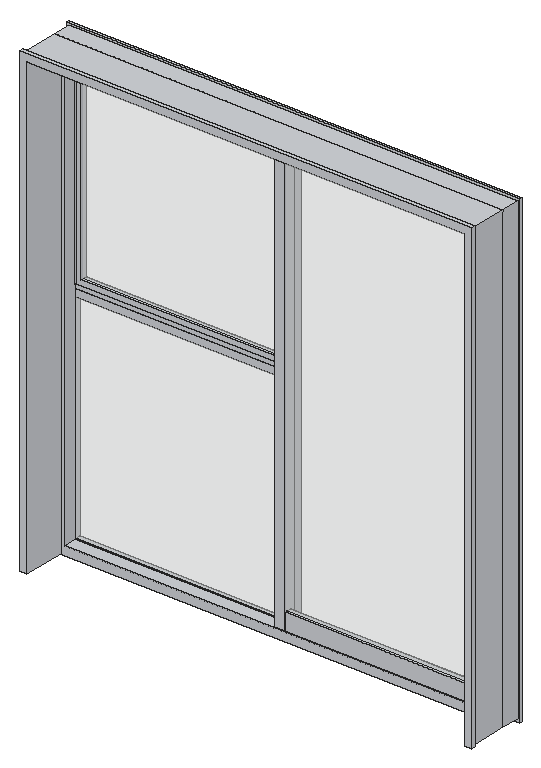
Revit family "APL Residential Thermal Heart Sliding Door SF with Sidelight", category Doors, host Wall, Revit 2017 (continued)
Definition of nested family "APL Residential Thermal Heart Sliding Door SF Vertical Section"
  Definition of nested family "Head Two Panel"
    Definition of nested family "65460_Door Top And Window Rail"
      Lines and regions (mm)
        detail lines, in view "Ref. Level"
          curve 187: line (7.086, 23.242, 0) -> (7.879, 21.063, 0)
          curve 188: line (8.255, 20.8, 0) -> (10.949, 20.8, 0)
          curve 189: line (11.325, 21.063, 0) -> (12.118, 23.242, 0)
          curve 190: line (13.057, 23.9, 0) -> (13.98, 23.9, 0)
          curve 191: line (14.581, 24.061, 0) -> (16.109, 24.946, 0)
          curve 192: line (16.309, 25, 0) -> (16.602, 25, 0)
          curve 193: line (17.002, 24.6, 0) -> (17.002, 21.2, 0)
          curve 194: line (16.602, 20.8, 0) -> (16.309, 20.8, 0)
          curve 195: line (16.109, 20.854, 0) -> (14.581, 21.738, 0)
          curve 196: line (13.686, 21.702, 0) -> (12.798, 19.263, 0)
          curve 197: line (12.422, 19, 0) -> (6.782, 19, 0)
          curve 198: line (6.406, 19.263, 0) -> (5.518, 21.702, 0)
          curve 199: line (4.623, 21.738, 0) -> (3.095, 20.854, 0)
          curve 200: line (2.895, 20.8, 0) -> (2.602, 20.8, 0)
          curve 201: line (2.202, 21.2, 0) -> (2.202, 24.6, 0)
          curve 202: arc (2.402, 7.33, 0) -> (2.261, 7.271, 0) -> (2.202, 7.13, 0) r 0.2
          curve 203: arc (2.202, 6.53, 0) -> (2.143, 6.388, 0) -> (2.002, 6.33, 0) r 0.2
          curve 204: arc (1.6, 6.33, 0) -> (1.459, 6.388, 0) -> (1.4, 6.53, 0) r 0.2
          curve 205: arc (1.644, 18.06, 0) -> (1.956, 18.728, 0) -> (2.642, 19, 0) r 1
          curve 206: arc (3.119, 19, 0) -> (3.424, 19.199, 0) -> (3.697, 18.957, 0) r 0.3
          curve 207: arc (3.697, 18.957, 0) -> (3.763, 18.819, 0) -> (3.889, 18.731, 0) r 0.3
          curve 208: arc (5.299, 18.218, 0) -> (5.585, 18.262, 0) -> (5.701, 18.526, 0) r 0.3
          curve 209: arc (5.494, 20.891, 0) -> (5.467, 20.992, 0) -> (5.407, 21.077, 0) r 0.3
          curve 210: arc (5.043, 21.441, 0) -> (4.85, 21.493, 0) -> (4.709, 21.352, 0) r 0.2
          curve 211: arc (4.664, 21.184, 0) -> (4.612, 21.095, 0) -> (4.523, 21.043, 0) r 0.2
          curve 212: arc (2.302, 20.5, 0) -> (2.022, 20.693, 0) -> (2.102, 21.023, 0) r 0.3
          curve 213: arc (2.102, 21.023, 0) -> (2.176, 21.125, 0) -> (2.202, 21.247, 0) r 0.3
          curve 214: arc (2.008, 25.25, 0) -> (2.044, 25.422, 0) -> (2.202, 25.5, 0) r 0.2
          curve 215: arc (2.722, 25.5, 0) -> (2.804, 25.489, 0) -> (2.879, 25.456, 0) r 0.3
          curve 216: arc (4.133, 24.691, 0) -> (4.13, 24.521, 0) -> (4.236, 24.388, 0) r 0.25
          curve 217: arc (4.322, 24.336, 0) -> (4.574, 24.332, 0) -> (4.702, 24.55, 0) r 0.25
          curve 218: arc (4.702, 26.696, 0) -> (4.676, 26.794, 0) -> (4.606, 26.867, 0) r 0.2
          curve 219: arc (2.725, 28.015, 0) -> (2.629, 28.186, 0) -> (2.725, 28.357, 0) r 0.2
          curve 220: arc (4.606, 29.505, 0) -> (4.676, 29.578, 0) -> (4.702, 29.676, 0) r 0.2
          curve 221: arc (4.702, 31.7, 0) -> (4.575, 31.918, 0) -> (4.322, 31.914, 0) r 0.25
          curve 222: arc (4.236, 31.861, 0) -> (4.13, 31.729, 0) -> (4.133, 31.559, 0) r 0.25
          curve 223: arc (2.879, 30.794, 0) -> (2.804, 30.761, 0) -> (2.723, 30.75, 0) r 0.3
          curve 224: arc (2.202, 30.75, 0) -> (2.044, 30.828, 0) -> (2.008, 31, 0) r 0.2
          curve 225: arc (2.202, 35.003, 0) -> (2.176, 35.125, 0) -> (2.102, 35.227, 0) r 0.3
          curve 226: arc (2.102, 35.227, 0) -> (2.022, 35.557, 0) -> (2.302, 35.75, 0) r 0.3
          curve 227: arc (4.523, 35.207, 0) -> (4.612, 35.155, 0) -> (4.664, 35.066, 0) r 0.2
          curve 228: arc (4.709, 34.898, 0) -> (4.85, 34.757, 0) -> (5.043, 34.809, 0) r 0.2
          curve 229: arc (5.407, 35.173, 0) -> (5.467, 35.258, 0) -> (5.494, 35.359, 0) r 0.3
          curve 230: arc (5.701, 37.724, 0) -> (5.585, 37.988, 0) -> (5.299, 38.032, 0) r 0.3
          curve 231: arc (3.889, 37.519, 0) -> (3.763, 37.431, 0) -> (3.697, 37.293, 0) r 0.3
          curve 232: arc (3.697, 37.293, 0) -> (3.424, 37.051, 0) -> (3.119, 37.25, 0) r 0.3
          curve 233: arc (2.3, 37.25, 0) -> (1.946, 37.397, 0) -> (1.8, 37.75, 0) r 0.5
          curve 234: arc (1.8, 41.053, 0) -> (1.86, 41.193, 0) -> (2, 41.25, 0) r 0.2
          curve 235: arc (3, 41.25, 0) -> (3.141, 41.309, 0) -> (3.2, 41.45, 0) r 0.2
          curve 236: arc (3.2, 42.55, 0) -> (3.141, 42.692, 0) -> (3, 42.75, 0) r 0.2
          curve 237: arc (2, 42.75, 0) -> (1.86, 42.808, 0) -> (1.8, 42.947, 0) r 0.2
          curve 238: arc (1.8, 56.053, 0) -> (1.86, 56.193, 0) -> (2, 56.25, 0) r 0.2
          curve 239: arc (3, 56.25, 0) -> (3.141, 56.309, 0) -> (3.2, 56.45, 0) r 0.2
          curve 240: arc (3.2, 57.55, 0) -> (3.141, 57.692, 0) -> (3, 57.75, 0) r 0.2
          curve 241: arc (2, 57.75, 0) -> (1.86, 57.808, 0) -> (1.8, 57.947, 0) r 0.2
          curve 242: arc (1.8, 71.8, 0) -> (1.741, 71.942, 0) -> (1.6, 72, 0) r 0.2
          curve 243: arc (0.5, 72, 0) -> (0.146, 71.854, 0) -> (0, 71.5, 0) r 0.5
          curve 244: arc (0, 0.2, 0) -> (0.059, 0.058, 0) -> (0.2, 0, 0) r 0.2
          curve 245: arc (3.002, 0, 0) -> (3.143, 0.058, 0) -> (3.202, 0.2, 0) r 0.2
          curve 246: arc (3.202, 1.63, 0) -> (3.143, 1.771, 0) -> (3.002, 1.83, 0) r 0.2
          curve 247: arc (2.402, 1.83, 0) -> (2.261, 1.771, 0) -> (2.202, 1.63, 0) r 0.2
          curve 248: arc (2.202, 1.28, 0) -> (2.143, 1.138, 0) -> (2.002, 1.08, 0) r 0.2
          curve 249: arc (1.402, 1.08, 0) -> (1.261, 1.138, 0) -> (1.202, 1.28, 0) r 0.2
          curve 250: arc (1.202, 4.38, 0) -> (1.261, 4.521, 0) -> (1.402, 4.58, 0) r 0.2
          curve 251: arc (2.002, 4.58, 0) -> (2.143, 4.521, 0) -> (2.202, 4.38, 0) r 0.2
          curve 252: arc (2.202, 4.03, 0) -> (2.261, 3.888, 0) -> (2.402, 3.83, 0) r 0.2
          curve 253: arc (3.002, 3.83, 0) -> (3.143, 3.888, 0) -> (3.202, 4.03, 0) r 0.2
          curve 254: line (3.002, 7.33, 0) -> (2.402, 7.33, 0)
          curve 255: line (2.202, 7.13, 0) -> (2.202, 6.53, 0)
          curve 256: line (2.002, 6.33, 0) -> (1.6, 6.33, 0)
          curve 257: line (1.4, 6.53, 0) -> (1.4, 14, 0)
          curve 258: line (1.4, 14, 0) -> (1.644, 18.06, 0)
          curve 259: line (2.642, 19, 0) -> (3.119, 19, 0)
          curve 260: line (3.889, 18.731, 0) -> (5.299, 18.218, 0)
          curve 261: line (5.701, 18.526, 0) -> (5.494, 20.891, 0)
          curve 262: line (5.407, 21.077, 0) -> (5.043, 21.441, 0)
          curve 263: line (4.709, 21.352, 0) -> (4.664, 21.184, 0)
          curve 264: line (4.523, 21.043, 0) -> (2.534, 20.51, 0)
          curve 265: line (2.202, 21.247, 0) -> (2.202, 24.474, 0)
          curve 266: line (2.196, 24.524, 0) -> (2.008, 25.25, 0)
          curve 267: line (2.202, 25.5, 0) -> (2.722, 25.5, 0)
          curve 268: line (2.879, 25.456, 0) -> (4.133, 24.691, 0)
          curve 269: line (4.702, 24.55, 0) -> (4.702, 26.696, 0)
          curve 270: line (4.606, 26.867, 0) -> (2.725, 28.015, 0)
          curve 271: line (2.725, 28.357, 0) -> (4.606, 29.505, 0)
          curve 272: line (4.702, 29.676, 0) -> (4.702, 31.7, 0)
          curve 273: line (4.133, 31.559, 0) -> (2.879, 30.794, 0)
          curve 274: line (2.723, 30.75, 0) -> (2.202, 30.75, 0)
          curve 275: line (2.008, 31, 0) -> (2.196, 31.726, 0)
          curve 276: line (2.202, 31.776, 0) -> (2.202, 35.003, 0)
          curve 277: line (2.534, 35.74, 0) -> (4.523, 35.207, 0)
          curve 278: line (4.664, 35.066, 0) -> (4.709, 34.898, 0)
          curve 279: line (5.043, 34.809, 0) -> (5.407, 35.173, 0)
          curve 280: line (5.494, 35.359, 0) -> (5.701, 37.724, 0)
          curve 281: line (5.299, 38.032, 0) -> (3.889, 37.519, 0)
          curve 282: line (3.119, 37.25, 0) -> (2.3, 37.25, 0)
          curve 283: line (1.8, 37.75, 0) -> (1.8, 41.053, 0)
          curve 284: line (2, 41.25, 0) -> (3, 41.25, 0)
          curve 285: line (3.2, 41.45, 0) -> (3.2, 42.55, 0)
          curve 286: line (3, 42.75, 0) -> (2, 42.75, 0)
          curve 287: line (1.8, 42.947, 0) -> (1.8, 56.053, 0)
          curve 288: line (2, 56.25, 0) -> (3, 56.25, 0)
          curve 289: line (3.2, 56.45, 0) -> (3.2, 57.55, 0)
          curve 290: line (3, 57.75, 0) -> (2, 57.75, 0)
          curve 291: line (1.8, 57.947, 0) -> (1.8, 71.8, 0)
          curve 292: line (1.6, 72, 0) -> (0.5, 72, 0)
          curve 293: line (0, 71.5, 0) -> (0, 0.2, 0)
          curve 294: line (0.2, 0, 0) -> (3.002, 0, 0)
          curve 295: line (3.202, 0.2, 0) -> (3.202, 1.63, 0)
          curve 296: line (3.002, 1.83, 0) -> (2.402, 1.83, 0)
          curve 297: line (2.202, 1.63, 0) -> (2.202, 1.28, 0)
          curve 298: line (2.002, 1.08, 0) -> (1.402, 1.08, 0)
          curve 299: line (1.202, 1.28, 0) -> (1.202, 4.38, 0)
          curve 300: line (1.402, 4.58, 0) -> (2.002, 4.58, 0)
          curve 301: line (2.202, 4.38, 0) -> (2.202, 4.03, 0)
          curve 302: line (2.402, 3.83, 0) -> (3.002, 3.83, 0)
          curve 303: line (3.202, 4.03, 0) -> (3.202, 7.13, 0)
          curve 304: arc (3.202, 7.13, 0) -> (3.143, 7.271, 0) -> (3.002, 7.33, 0) r 0.2
      Text (mm)
        text "65460" at (7.711, 85.3, 0), in view "Ref. Level"
    Definition of nested family "65400_Frame Head"
      Reference planes
        plane 1 "Center (Front/Back)": y = 0
        plane 2: z = 0
        plane 3 "Center (Left/Right)": x = 0
      Lines and regions (mm)
        detail lines, in view "Ref. Level"
          curve 1: arc (46.1, -24.2, 0) -> (45.602, -22.998, 0) -> (44.4, -22.5, 0) r 1.7
          curve 2: arc (29.9, -22.5, 0) -> (29.546, -22.354, 0) -> (29.4, -22, 0) r 0.5
          curve 3: arc (29.4, -8.901, 0) -> (29.546, -8.547, 0) -> (29.9, -8.4, 0) r 0.5
          curve 4: arc (36.605, -8.4, 0) -> (37.013, -8.479, 0) -> (37.363, -8.704, 0) r 1.1
          curve 5: arc (37.363, -8.704, 0) -> (38.199, -9.316, 0) -> (39.189, -9.621, 0) r 3.126
          curve 6: arc (62.286, -10.8, 0) -> (62.738, -11.119, 0) -> (63.285, -11.042, 0) r 0.75
          curve 7: arc (63.285, -11.042, 0) -> (64.2, -10.8, 0) -> (65.115, -11.042, 0) r 1.85
          curve 8: arc (65.115, -11.042, 0) -> (65.281, -11.112, 0) -> (65.459, -11.14, 0) r 0.75
          curve 9: arc (65.459, -11.14, 0) -> (65.663, -11.192, 0) -> (65.828, -11.324, 0) r 0.5
          curve 10: arc (65.828, -11.324, 0) -> (66.3, -12.65, 0) -> (65.828, -13.976, 0) r 2.1
          curve 11: arc (65.828, -13.976, 0) -> (65.663, -14.108, 0) -> (65.459, -14.16, 0) r 0.5
          curve 12: arc (65.459, -14.16, 0) -> (65.281, -14.188, 0) -> (65.115, -14.258, 0) r 0.75
          curve 13: arc (65.115, -14.258, 0) -> (63.721, -14.437, 0) -> (62.604, -13.585, 0) r 1.85
          curve 14: arc (62.604, -13.585, 0) -> (61.577, -13.317, 0) -> (61.309, -14.343, 0) r 0.75
          curve 15: arc (61.309, -14.343, 0) -> (62.349, -15.442, 0) -> (63.765, -15.972, 0) r 3.35
          curve 16: arc (63.765, -15.972, 0) -> (64.076, -16.138, 0) -> (64.2, -16.467, 0) r 0.5
          curve 17: arc (64.2, -25.517, 0) -> (64.489, -27.435, 0) -> (65.33, -29.182, 0) r 6.5
          curve 18: arc (65.33, -29.182, 0) -> (65.978, -30.526, 0) -> (66.2, -32, 0) r 5
          curve 19: arc (66.2, -41.1, 0) -> (66.054, -41.454, 0) -> (65.7, -41.6, 0) r 0.5
          curve 20: arc (47, -41.6, 0) -> (46.646, -41.454, 0) -> (46.5, -41.1, 0) r 0.5
          curve 21: arc (46.5, -36.5, 0) -> (46.396, -35.952, 0) -> (46.1, -35.48, 0) r 1.5
          curve 22: arc (24.183, -8.227, 0) -> (24.053, -8.162, 0) -> (24, -8.027, 0) r 0.2
          curve 23: arc (24.399, -5.679, 0) -> (24.668, -5.392, 0) -> (25.06, -5.387, 0) r 0.5
          curve 24: arc (25.06, -5.387, 0) -> (25.236, -5.3, 0) -> (25.42, -5.367, 0) r 0.25
          curve 25: arc (25.42, -5.367, 0) -> (25.563, -5.498, 0) -> (25.569, -5.691, 0) r 0.25
          curve 26: arc (26.823, -6.456, 0) -> (26.898, -6.489, 0) -> (26.979, -6.5, 0) r 0.3
          curve 27: arc (27.5, -6.5, 0) -> (27.658, -6.422, 0) -> (27.694, -6.25, 0) r 0.2
          curve 28: arc (27.5, -2.247, 0) -> (27.526, -2.125, 0) -> (27.6, -2.024, 0) r 0.3
          curve 29: arc (27.6, -2.024, 0) -> (27.664, -1.657, 0) -> (27.322, -1.51, 0) r 0.3
          curve 30: arc (25.179, -2.043, 0) -> (25.09, -2.095, 0) -> (25.038, -2.184, 0) r 0.2
          curve 31: arc (24.993, -2.352, 0) -> (24.852, -2.493, 0) -> (24.659, -2.441, 0) r 0.2
          curve 32: arc (24.295, -2.078, 0) -> (24.235, -1.992, 0) -> (24.208, -1.892, 0) r 0.3
          curve 33: arc (24.001, 0.474, 0) -> (24.117, 0.738, 0) -> (24.403, 0.782, 0) r 0.3
          curve 34: arc (25.813, 0.268, 0) -> (25.939, 0.181, 0) -> (26.005, 0.043, 0) r 0.3
          curve 35: arc (26.005, 0.043, 0) -> (26.278, -0.199, 0) -> (26.583, 0, 0) r 0.3
          curve 36: arc (28.9, 0, 0) -> (29.254, -0.146, 0) -> (29.4, -0.5, 0) r 0.5
          curve 37: arc (29.4, -6.1, 0) -> (29.546, -6.454, 0) -> (29.9, -6.6, 0) r 0.499
          curve 38: arc (37.767, -6.6, 0) -> (38.931, -6.835, 0) -> (39.913, -7.503, 0) r 2.996
          curve 39: arc (39.913, -7.503, 0) -> (40.232, -7.73, 0) -> (40.611, -7.831, 0) r 1.1
          curve 40: arc (68.1, -8.9, 0) -> (68.241, -8.841, 0) -> (68.3, -8.7, 0) r 0.2
          curve 41: arc (68.3, -0.5, 0) -> (68.446, -0.146, 0) -> (68.8, 0, 0) r 0.5
          curve 42: arc (71.117, 0, 0) -> (71.422, -0.199, 0) -> (71.695, 0.043, 0) r 0.3
          curve 43: arc (71.695, 0.043, 0) -> (71.761, 0.181, 0) -> (71.887, 0.268, 0) r 0.3
          curve 44: arc (73.297, 0.782, 0) -> (73.583, 0.738, 0) -> (73.699, 0.474, 0) r 0.3
          curve 45: arc (73.492, -1.892, 0) -> (73.465, -1.992, 0) -> (73.405, -2.078, 0) r 0.3
          curve 46: arc (73.041, -2.441, 0) -> (72.848, -2.493, 0) -> (72.707, -2.352, 0) r 0.2
          curve 47: arc (72.662, -2.184, 0) -> (72.61, -2.095, 0) -> (72.521, -2.043, 0) r 0.2
          curve 48: arc (70.378, -1.51, 0) -> (70.036, -1.657, 0) -> (70.1, -2.024, 0) r 0.3
          curve 49: arc (70.1, -2.024, 0) -> (70.174, -2.125, 0) -> (70.2, -2.247, 0) r 0.3
          curve 50: arc (70.006, -6.25, 0) -> (70.042, -6.422, 0) -> (70.2, -6.5, 0) r 0.2
          curve 51: arc (70.721, -6.5, 0) -> (70.802, -6.489, 0) -> (70.877, -6.456, 0) r 0.3
          curve 52: arc (72.131, -5.691, 0) -> (72.137, -5.498, 0) -> (72.28, -5.367, 0) r 0.25
          curve 53: arc (72.28, -5.367, 0) -> (72.55, -5.321, 0) -> (72.7, -5.55, 0) r 0.25
          curve 54: arc (72.7, -7.124, 0) -> (72.618, -7.522, 0) -> (72.385, -7.854, 0) r 1
          curve 55: arc (72.385, -7.854, 0) -> (72.322, -8, 0) -> (72.385, -8.146, 0) r 0.2
          curve 56: arc (72.385, -8.146, 0) -> (72.618, -8.477, 0) -> (72.7, -8.874, 0) r 1
          curve 57: arc (72.7, -10.449, 0) -> (72.573, -10.668, 0) -> (72.32, -10.663, 0) r 0.25
          curve 58: arc (72.234, -10.611, 0) -> (72.128, -10.479, 0) -> (72.131, -10.309, 0) r 0.25
          curve 59: arc (70.877, -9.544, 0) -> (70.802, -9.511, 0) -> (70.721, -9.5, 0) r 0.3
          curve 60: arc (70.2, -9.5, 0) -> (70.042, -9.578, 0) -> (70.006, -9.75, 0) r 0.2
          curve 61: arc (70.2, -13.753, 0) -> (70.174, -13.876, 0) -> (70.1, -13.976, 0) r 0.3
          curve 62: arc (70.1, -13.976, 0) -> (70.02, -14.307, 0) -> (70.3, -14.5, 0) r 0.3
          curve 63: arc (72.521, -13.957, 0) -> (72.61, -13.905, 0) -> (72.662, -13.816, 0) r 0.2
          curve 64: arc (72.707, -13.648, 0) -> (72.848, -13.507, 0) -> (73.041, -13.559, 0) r 0.2
          curve 65: arc (73.405, -13.922, 0) -> (73.465, -14.008, 0) -> (73.492, -14.108, 0) r 0.3
          curve 66: arc (73.699, -16.474, 0) -> (73.583, -16.738, 0) -> (73.297, -16.782, 0) r 0.3
          curve 67: arc (71.887, -16.268, 0) -> (71.761, -16.181, 0) -> (71.695, -16.043, 0) r 0.3
          curve 68: arc (71.695, -16.043, 0) -> (71.422, -15.801, 0) -> (71.117, -16, 0) r 0.3
          curve 69: arc (66.201, -16, 0) -> (65.847, -16.146, 0) -> (65.7, -16.5, 0) r 0.5
          curve 70: arc (65.7, -25.519, 0) -> (65.922, -26.994, 0) -> (66.57, -28.337, 0) r 5
          curve 71: arc (66.57, -28.337, 0) -> (67.411, -30.083, 0) -> (67.7, -32, 0) r 6.5
          curve 72: arc (67.7, -33.1, 0) -> (67.759, -33.241, 0) -> (67.9, -33.3, 0) r 0.2
          curve 73: arc (69.3, -33.3, 0) -> (69.441, -33.241, 0) -> (69.5, -33.1, 0) r 0.2
          curve 74: arc (69.5, -32.8, 0) -> (70, -32.299, 0) -> (70.5, -32.8, 0) r 0.5
          curve 75: arc (70.5, -35.351, 0) -> (69.999, -35.85, 0) -> (69.5, -35.35, 0) r 0.5
          curve 76: arc (69.5, -34.5, 0) -> (69.441, -34.359, 0) -> (69.3, -34.3, 0) r 0.2
          curve 77: arc (67.9, -34.3, 0) -> (67.759, -34.359, 0) -> (67.7, -34.5, 0) r 0.2
          curve 78: arc (67.7, -41.8, 0) -> (67.759, -41.941, 0) -> (67.9, -42, 0) r 0.2
          curve 79: arc (69.3, -42, 0) -> (69.441, -41.941, 0) -> (69.5, -41.8, 0) r 0.2
          curve 80: arc (69.5, -40.95, 0) -> (70, -40.449, 0) -> (70.5, -40.95, 0) r 0.5
          curve 81: arc (70.5, -42.499, 0) -> (70.354, -42.853, 0) -> (70, -43, 0) r 0.5
          curve 82: arc (42.7, -43, 0) -> (42.559, -42.941, 0) -> (42.5, -42.8, 0) r 0.2
          curve 83: arc (42.5, -41.25, 0) -> (43, -40.749, 0) -> (43.5, -41.25, 0) r 0.5
          curve 84: arc (43.5, -41.8, 0) -> (43.559, -41.941, 0) -> (43.7, -42, 0) r 0.2
          curve 85: arc (44.8, -42, 0) -> (44.941, -41.941, 0) -> (45, -41.8, 0) r 0.2
          curve 86: arc (45, -36.7, 0) -> (44.941, -36.559, 0) -> (44.8, -36.5, 0) r 0.2
          curve 87: arc (43.7, -36.5, 0) -> (43.559, -36.559, 0) -> (43.5, -36.7, 0) r 0.2
          curve 88: arc (43.5, -37.25, 0) -> (43, -37.749, 0) -> (42.5, -37.25, 0) r 0.5
          curve 89: arc (42.5, -36.5, 0) -> (42.793, -35.793, 0) -> (43.5, -35.5, 0) r 1
          curve 90: arc (44.395, -35.5, 0) -> (44.539, -35.443, 0) -> (44.6, -35.3, 0) r 0.202
          curve 91: arc (44.6, -24.2, 0) -> (44.538, -24.058, 0) -> (44.395, -24, 0) r 0.205
          curve 92: arc (26.583, -24, 0) -> (26.278, -23.801, 0) -> (26.005, -24.043, 0) r 0.3
          curve 93: arc (26.005, -24.043, 0) -> (25.939, -24.181, 0) -> (25.813, -24.268, 0) r 0.3
          curve 94: arc (24.403, -24.782, 0) -> (24.117, -24.738, 0) -> (24.001, -24.474, 0) r 0.3
          curve 95: arc (24.208, -22.108, 0) -> (24.235, -22.008, 0) -> (24.295, -21.922, 0) r 0.3
          curve 96: arc (24.659, -21.559, 0) -> (24.852, -21.507, 0) -> (24.993, -21.648, 0) r 0.2
          curve 97: arc (25.038, -21.816, 0) -> (25.09, -21.905, 0) -> (25.179, -21.957, 0) r 0.2
          curve 98: arc (27.322, -22.49, 0) -> (27.664, -22.343, 0) -> (27.6, -21.976, 0) r 0.3
          curve 99: arc (27.6, -21.976, 0) -> (27.526, -21.875, 0) -> (27.5, -21.753, 0) r 0.3
          curve 100: arc (27.694, -17.75, 0) -> (27.658, -17.578, 0) -> (27.5, -17.5, 0) r 0.2
          curve 101: arc (26.979, -17.5, 0) -> (26.898, -17.511, 0) -> (26.823, -17.544, 0) r 0.3
          curve 102: arc (25.569, -18.309, 0) -> (25.563, -18.502, 0) -> (25.42, -18.633, 0) r 0.25
          curve 103: arc (25.42, -18.633, 0) -> (25.15, -18.679, 0) -> (25, -18.45, 0) r 0.25
          curve 104: arc (25, -16.874, 0) -> (25.128, -16.385, 0) -> (25.479, -16.021, 0) r 1
          curve 105: line (46.1, -35.48, 0) -> (46.1, -24.2, 0)
          curve 106: line (44.4, -22.5, 0) -> (29.9, -22.5, 0)
          curve 107: line (29.4, -22, 0) -> (29.4, -8.901, 0)
          curve 108: line (29.9, -8.4, 0) -> (36.605, -8.4, 0)
          curve 109: line (39.189, -9.621, 0) -> (53.629, -10.8, 0)
          curve 110: line (53.629, -10.8, 0) -> (62.286, -10.8, 0)
          curve 111: line (64.2, -16.467, 0) -> (64.2, -25.517, 0)
          curve 112: line (66.2, -32, 0) -> (66.2, -41.1, 0)
          curve 113: line (65.7, -41.6, 0) -> (47, -41.6, 0)
          curve 114: line (46.5, -41.1, 0) -> (46.5, -36.5, 0)
          curve 115: line (27.317, -8.501, 0) -> (24.183, -8.227, 0)
          curve 116: line (24, -8.027, 0) -> (24, -6.776, 0)
          curve 117: line (24, -6.776, 0) -> (24.399, -5.679, 0)
          curve 118: line (25.569, -5.691, 0) -> (26.823, -6.456, 0)
          curve 119: line (26.979, -6.5, 0) -> (27.5, -6.5, 0)
          curve 120: line (27.694, -6.25, 0) -> (27.5, -5.5, 0)
          curve 121: line (27.5, -5.475, 0) -> (27.5, -2.247, 0)
          curve 122: line (27.312, -1.472, 0) -> (25.179, -2.043, 0)
          curve 123: line (25.038, -2.184, 0) -> (24.993, -2.352, 0)
          curve 124: line (24.659, -2.441, 0) -> (24.295, -2.078, 0)
          curve 125: line (24.208, -1.892, 0) -> (24.001, 0.474, 0)
          curve 126: line (24.403, 0.782, 0) -> (25.813, 0.268, 0)
          curve 127: line (26.583, 0, 0) -> (28.9, 0, 0)
          curve 128: line (29.4, -0.5, 0) -> (29.4, -6.1, 0)
          curve 129: line (29.9, -6.6, 0) -> (33.5, -6.6, 0)
          curve 130: line (33.5, -6.6, 0) -> (33.9, -7, 0)
          curve 131: line (33.9, -7, 0) -> (34.3, -6.6, 0)
          curve 132: line (34.3, -6.6, 0) -> (37.767, -6.6, 0)
          curve 133: line (40.611, -7.831, 0) -> (53.707, -8.9, 0)
          curve 134: line (53.707, -8.9, 0) -> (58.307, -8.9, 0)
          curve 135: line (58.307, -8.9, 0) -> (58.707, -9.3, 0)
          curve 136: line (58.707, -9.3, 0) -> (59.107, -8.9, 0)
          curve 137: line (59.107, -8.9, 0) -> (68.1, -8.9, 0)
          curve 138: line (68.3, -8.7, 0) -> (68.3, -0.5, 0)
          curve 139: line (68.8, 0, 0) -> (71.117, 0, 0)
          curve 140: line (71.887, 0.268, 0) -> (73.297, 0.782, 0)
          curve 141: line (73.699, 0.474, 0) -> (73.492, -1.892, 0)
          curve 142: line (73.405, -2.078, 0) -> (73.041, -2.441, 0)
          curve 143: line (72.707, -2.352, 0) -> (72.662, -2.184, 0)
          curve 144: line (72.521, -2.043, 0) -> (70.388, -1.472, 0)
          curve 145: line (70.2, -2.247, 0) -> (70.2, -5.475, 0)
          curve 146: line (70.2, -5.5, 0) -> (70.006, -6.25, 0)
          curve 147: line (70.2, -6.5, 0) -> (70.721, -6.5, 0)
          curve 148: line (70.877, -6.456, 0) -> (72.131, -5.691, 0)
          curve 149: line (72.7, -5.55, 0) -> (72.7, -7.124, 0)
          curve 150: line (72.7, -8.874, 0) -> (72.7, -10.449, 0)
          curve 151: line (72.131, -10.309, 0) -> (70.877, -9.544, 0)
          curve 152: line (70.721, -9.5, 0) -> (70.2, -9.5, 0)
          curve 153: line (70.006, -9.75, 0) -> (70.2, -10.5, 0)
          curve 154: line (70.2, -10.525, 0) -> (70.2, -13.753, 0)
          curve 155: line (70.532, -14.49, 0) -> (72.521, -13.957, 0)
          curve 156: line (72.662, -13.816, 0) -> (72.707, -13.648, 0)
          curve 157: line (73.041, -13.559, 0) -> (73.405, -13.922, 0)
          curve 158: line (73.492, -14.108, 0) -> (73.699, -16.474, 0)
          curve 159: line (73.297, -16.782, 0) -> (71.887, -16.268, 0)
          curve 160: line (71.117, -16, 0) -> (66.201, -16, 0)
          curve 161: line (65.7, -16.5, 0) -> (65.7, -25.519, 0)
          curve 162: line (67.7, -32, 0) -> (67.7, -33.1, 0)
          curve 163: line (67.9, -33.3, 0) -> (69.3, -33.3, 0)
          curve 164: line (69.5, -33.1, 0) -> (69.5, -32.8, 0)
          curve 165: line (70.5, -32.8, 0) -> (70.5, -35.351, 0)
          curve 166: line (69.5, -35.35, 0) -> (69.5, -34.5, 0)
          curve 167: line (69.3, -34.3, 0) -> (67.9, -34.3, 0)
          curve 168: line (67.7, -34.5, 0) -> (67.7, -41.8, 0)
          curve 169: line (67.9, -42, 0) -> (69.3, -42, 0)
          curve 170: line (69.5, -41.8, 0) -> (69.5, -40.95, 0)
          curve 171: line (70.5, -40.95, 0) -> (70.5, -42.499, 0)
          curve 172: line (70, -43, 0) -> (42.7, -43, 0)
          curve 173: line (42.5, -42.8, 0) -> (42.5, -41.25, 0)
          curve 174: line (43.5, -41.25, 0) -> (43.5, -41.8, 0)
          curve 175: line (43.7, -42, 0) -> (44.8, -42, 0)
          curve 176: line (45, -41.8, 0) -> (45, -36.7, 0)
          curve 177: line (44.8, -36.5, 0) -> (43.7, -36.5, 0)
          curve 178: line (43.5, -36.7, 0) -> (43.5, -37.25, 0)
          curve 179: line (42.5, -37.25, 0) -> (42.5, -36.5, 0)
          curve 180: line (43.5, -35.5, 0) -> (44.395, -35.5, 0)
          curve 181: line (44.6, -35.3, 0) -> (44.6, -24.2, 0)
          curve 182: line (44.395, -24, 0) -> (34.3, -24, 0)
          curve 183: line (34.3, -24, 0) -> (33.9, -23.6, 0)
          curve 184: line (33.9, -23.6, 0) -> (33.5, -24, 0)
          curve 185: line (33.5, -24, 0) -> (26.583, -24, 0)
          curve 186: line (25.813, -24.268, 0) -> (24.403, -24.782, 0)
          curve 187: line (24.001, -24.474, 0) -> (24.208, -22.108, 0)
          curve 188: line (24.295, -21.922, 0) -> (24.659, -21.559, 0)
          curve 189: line (24.993, -21.648, 0) -> (25.038, -21.816, 0)
          curve 190: line (25.179, -21.957, 0) -> (27.312, -22.528, 0)
          curve 191: line (27.5, -21.753, 0) -> (27.5, -18.525, 0)
          curve 192: line (27.5, -18.5, 0) -> (27.694, -17.75, 0)
          curve 193: line (27.5, -17.5, 0) -> (26.979, -17.5, 0)
          curve 194: line (26.823, -17.544, 0) -> (25.569, -18.309, 0)
          curve 195: line (25, -18.45, 0) -> (25, -16.874, 0)
          curve 196: line (25.479, -16.021, 0) -> (26.284, -15.529, 0)
          curve 197: line (26.389, -15.5, 0) -> (27.5, -15.5, 0)
          curve 198: line (27.5, -15.5, 0) -> (27.5, -8.7, 0)
          curve 199: arc (27.5, -8.7, 0) -> (27.447, -8.565, 0) -> (27.317, -8.501, 0) r 0.2
          curve 200: arc (70.2, -10.4, 0) -> (70.317, -10.117, 0) -> (70.6, -10, 0) r 0.4
          curve 201: arc (70.893, -10, 0) -> (70.996, -10.014, 0) -> (71.093, -10.054, 0) r 0.4
          curve 202: arc (72.621, -10.939, 0) -> (72.911, -11.059, 0) -> (73.222, -11.1, 0) r 1.2
          curve 203: arc (74.145, -11.1, 0) -> (74.718, -11.281, 0) -> (75.084, -11.758, 0) r 1
          curve 204: arc (75.877, -13.937, 0) -> (76.024, -14.128, 0) -> (76.253, -14.2, 0) r 0.4
          curve 205: arc (78.947, -14.2, 0) -> (79.176, -14.128, 0) -> (79.323, -13.937, 0) r 0.4
          curve 206: arc (80.116, -11.758, 0) -> (80.482, -11.281, 0) -> (81.055, -11.1, 0) r 1
          curve 207: arc (81.978, -11.1, 0) -> (82.289, -11.059, 0) -> (82.579, -10.939, 0) r 1.2
          curve 208: arc (84.107, -10.054, 0) -> (84.204, -10.014, 0) -> (84.307, -10, 0) r 0.4
          curve 209: arc (84.6, -10, 0) -> (84.883, -10.117, 0) -> (85, -10.4, 0) r 0.4
          curve 210: arc (85, -13.8, 0) -> (84.883, -14.083, 0) -> (84.6, -14.2, 0) r 0.4
          curve 211: arc (84.307, -14.2, 0) -> (84.204, -14.186, 0) -> (84.107, -14.146, 0) r 0.4
          curve 212: arc (82.579, -13.262, 0) -> (82.285, -13.14, 0) -> (81.97, -13.1, 0) r 1.2
          curve 213: arc (81.97, -13.1, 0) -> (81.795, -13.153, 0) -> (81.684, -13.297, 0) r 0.3
          curve 214: arc (80.796, -15.737, 0) -> (80.649, -15.928, 0) -> (80.42, -16, 0) r 0.4
          curve 215: arc (74.78, -16, 0) -> (74.551, -15.928, 0) -> (74.404, -15.737, 0) r 0.4
          curve 216: arc (73.516, -13.297, 0) -> (73.405, -13.153, 0) -> (73.23, -13.1, 0) r 0.3
          curve 217: arc (73.23, -13.1, 0) -> (72.915, -13.14, 0) -> (72.621, -13.262, 0) r 1.2
          curve 218: arc (71.093, -14.146, 0) -> (70.996, -14.186, 0) -> (70.893, -14.2, 0) r 0.4
          curve 219: arc (70.6, -14.2, 0) -> (70.317, -14.083, 0) -> (70.2, -13.8, 0) r 0.4
          curve 220: line (70.6, -10, 0) -> (70.893, -10, 0)
          curve 221: line (71.093, -10.054, 0) -> (72.621, -10.939, 0)
          curve 222: line (73.222, -11.1, 0) -> (74.145, -11.1, 0)
          curve 223: line (75.084, -11.758, 0) -> (75.877, -13.937, 0)
          curve 224: line (76.253, -14.2, 0) -> (78.947, -14.2, 0)
          curve 225: line (79.323, -13.937, 0) -> (80.116, -11.758, 0)
          curve 226: line (81.055, -11.1, 0) -> (81.978, -11.1, 0)
          curve 227: line (82.579, -10.939, 0) -> (84.107, -10.054, 0)
          curve 228: line (84.307, -10, 0) -> (84.6, -10, 0)
          curve 229: line (85, -10.4, 0) -> (85, -13.8, 0)
          curve 230: line (84.6, -14.2, 0) -> (84.307, -14.2, 0)
          curve 231: line (84.107, -14.146, 0) -> (82.579, -13.262, 0)
          curve 232: line (81.684, -13.297, 0) -> (80.796, -15.737, 0)
          curve 233: line (80.42, -16, 0) -> (74.78, -16, 0)
          curve 234: line (74.404, -15.737, 0) -> (73.516, -13.297, 0)
          curve 235: line (72.621, -13.262, 0) -> (71.093, -14.146, 0)
          curve 236: line (70.893, -14.2, 0) -> (70.6, -14.2, 0)
          curve 237: line (70.2, -13.8, 0) -> (70.2, -10.4, 0)
          curve 238: arc (70.2, -5.6, 0) -> (70.317, -5.883, 0) -> (70.6, -6, 0) r 0.4
          curve 239: arc (70.893, -6, 0) -> (70.996, -5.986, 0) -> (71.093, -5.946, 0) r 0.4
          curve 240: arc (72.621, -5.061, 0) -> (72.911, -4.941, 0) -> (73.222, -4.9, 0) r 1.2
          curve 241: arc (74.145, -4.9, 0) -> (74.718, -4.719, 0) -> (75.084, -4.242, 0) r 1
          curve 242: arc (75.877, -2.063, 0) -> (76.024, -1.872, 0) -> (76.253, -1.8, 0) r 0.4
          curve 243: arc (78.947, -1.8, 0) -> (79.176, -1.872, 0) -> (79.323, -2.063, 0) r 0.4
          curve 244: arc (80.116, -4.242, 0) -> (80.482, -4.719, 0) -> (81.055, -4.9, 0) r 1
          curve 245: arc (81.978, -4.9, 0) -> (82.289, -4.941, 0) -> (82.579, -5.061, 0) r 1.2
          curve 246: arc (84.107, -5.946, 0) -> (84.204, -5.986, 0) -> (84.307, -6, 0) r 0.4
          curve 247: arc (84.6, -6, 0) -> (84.883, -5.883, 0) -> (85, -5.6, 0) r 0.4
          curve 248: arc (85, -2.2, 0) -> (84.883, -1.917, 0) -> (84.6, -1.8, 0) r 0.4
          curve 249: arc (84.307, -1.8, 0) -> (84.204, -1.814, 0) -> (84.107, -1.854, 0) r 0.4
          curve 250: arc (82.579, -2.739, 0) -> (82.285, -2.86, 0) -> (81.97, -2.9, 0) r 1.2
          curve 251: arc (81.97, -2.9, 0) -> (81.795, -2.847, 0) -> (81.684, -2.703, 0) r 0.3
          curve 252: arc (80.796, -0.263, 0) -> (80.649, -0.072, 0) -> (80.42, 0, 0) r 0.4
          curve 253: arc (74.78, 0, 0) -> (74.551, -0.072, 0) -> (74.404, -0.263, 0) r 0.4
          curve 254: arc (73.516, -2.703, 0) -> (73.405, -2.847, 0) -> (73.23, -2.9, 0) r 0.3
          curve 255: arc (73.23, -2.9, 0) -> (72.915, -2.86, 0) -> (72.621, -2.739, 0) r 1.2
          curve 256: arc (71.093, -1.854, 0) -> (70.996, -1.814, 0) -> (70.893, -1.8, 0) r 0.4
          curve 257: arc (70.6, -1.8, 0) -> (70.317, -1.917, 0) -> (70.2, -2.2, 0) r 0.4
          curve 258: line (70.6, -6, 0) -> (70.893, -6, 0)
          curve 259: line (71.093, -5.946, 0) -> (72.621, -5.061, 0)
          curve 260: line (73.222, -4.9, 0) -> (74.145, -4.9, 0)
          curve 261: line (75.084, -4.242, 0) -> (75.877, -2.063, 0)
          curve 262: line (76.253, -1.8, 0) -> (78.947, -1.8, 0)
          curve 263: line (79.323, -2.063, 0) -> (80.116, -4.242, 0)
          curve 264: line (81.055, -4.9, 0) -> (81.978, -4.9, 0)
          curve 265: line (82.579, -5.061, 0) -> (84.107, -5.946, 0)
          curve 266: line (84.307, -6, 0) -> (84.6, -6, 0)
          curve 267: line (85, -5.6, 0) -> (85, -2.2, 0)
          curve 268: line (84.6, -1.8, 0) -> (84.307, -1.8, 0)
          curve 269: line (84.107, -1.854, 0) -> (82.579, -2.739, 0)
          curve 270: line (81.684, -2.703, 0) -> (80.796, -0.263, 0)
          curve 271: line (80.42, 0, 0) -> (74.78, 0, 0)
          curve 272: line (74.404, -0.263, 0) -> (73.516, -2.703, 0)
          curve 273: line (72.621, -2.739, 0) -> (71.093, -1.854, 0)
          curve 274: line (70.893, -1.8, 0) -> (70.6, -1.8, 0)
          curve 275: line (70.2, -2.2, 0) -> (70.2, -5.6, 0)
          curve 276: arc (113.4, -35.877, 0) -> (113.327, -35.95, 0) -> (113.3, -36.05, 0) r 0.2
          curve 277: arc (113.3, -40.25, 0) -> (113.327, -40.35, 0) -> (113.4, -40.423, 0) r 0.2
          curve 278: arc (113.4, -40.423, 0) -> (113.473, -40.496, 0) -> (113.5, -40.596, 0) r 0.2
          curve 279: arc (113.5, -41.8, 0) -> (113.441, -41.941, 0) -> (113.3, -42, 0) r 0.2
          curve 280: arc (111.701, -42, 0) -> (111.559, -41.942, 0) -> (111.5, -41.8, 0) r 0.2
          curve 281: arc (111.5, -40.95, 0) -> (111, -40.451, 0) -> (110.5, -40.95, 0) r 0.5
          curve 282: arc (110.5, -42.5, 0) -> (110.646, -42.854, 0) -> (111, -43, 0) r 0.499
          curve 283: arc (114.5, -43, 0) -> (114.847, -42.847, 0) -> (115, -42.5, 0) r 0.523
          curve 284: arc (115, -21.5, 0) -> (114.856, -21.144, 0) -> (114.5, -21, 0) r 0.493
          curve 285: arc (111.7, -21, 0) -> (111.558, -20.942, 0) -> (111.5, -20.8, 0) r 0.199
          curve 286: arc (111.5, -13.199, 0) -> (110.852, -11.559, 0) -> (109.258, -10.805, 0) r 2.399
          curve 287: arc (109.258, -10.805, 0) -> (108.878, -10.588, 0) -> (108.814, -10.156, 0) r 0.5
          curve 288: arc (108.814, -10.156, 0) -> (109, -8.953, 0) -> (108.816, -7.75, 0) r 4
          curve 289: arc (108.816, -7.75, 0) -> (108.89, -7.304, 0) -> (109.293, -7.1, 0) r 0.5
          curve 290: arc (109.5, -7.1, 0) -> (110.914, -6.514, 0) -> (111.5, -5.1, 0) r 2.001
          curve 291: arc (120.75, -1.5, 0) -> (121.501, -0.747, 0) -> (120.745, 0, 0) r 0.75
          curve 292: arc (111.5, 0, 0) -> (110.439, -0.439, 0) -> (110, -1.5, 0) r 1.5
          curve 293: arc (110, -5, 0) -> (109.941, -5.141, 0) -> (109.8, -5.2, 0) r 0.2
          curve 294: arc (100.5, -5.2, 0) -> (100.146, -5.346, 0) -> (100, -5.7, 0) r 0.5
          curve 295: arc (100, -6.2, 0) -> (100.146, -6.554, 0) -> (100.5, -6.7, 0) r 0.5
          curve 296: arc (101.927, -6.7, 0) -> (102.266, -6.833, 0) -> (102.426, -7.16, 0) r 0.5
          curve 297: arc (102.426, -7.16, 0) -> (102.912, -7.803, 0) -> (103.7, -7.634, 0) r 0.75
          curve 298: arc (103.7, -7.634, 0) -> (105, -7.1, 0) -> (106.3, -7.634, 0) r 1.85
          curve 299: arc (106.3, -7.634, 0) -> (106.442, -7.744, 0) -> (106.607, -7.817, 0) r 0.75
          curve 300: arc (106.607, -7.817, 0) -> (106.791, -7.92, 0) -> (106.916, -8.09, 0) r 0.5
          curve 301: arc (106.916, -8.09, 0) -> (107.1, -8.95, 0) -> (106.916, -9.81, 0) r 2.1
          curve 302: arc (106.916, -9.81, 0) -> (106.791, -9.98, 0) -> (106.607, -10.083, 0) r 0.5
          curve 303: arc (106.607, -10.083, 0) -> (106.442, -10.156, 0) -> (106.3, -10.266, 0) r 0.75
          curve 304: arc (106.3, -10.266, 0) -> (105, -10.8, 0) -> (103.7, -10.266, 0) r 1.85
          curve 305: arc (103.7, -10.266, 0) -> (103.027, -10.064, 0) -> (102.482, -10.509, 0) r 0.75
          curve 306: arc (102.482, -10.509, 0) -> (102.32, -10.716, 0) -> (102.075, -10.812, 0) r 0.5
          curve 307: arc (102.075, -10.812, 0) -> (101.154, -11.14, 0) -> (100.481, -11.85, 0) r 2.1
          curve 308: arc (100.481, -11.85, 0) -> (100.298, -12.033, 0) -> (100.048, -12.1, 0) r 0.5
          curve 309: arc (91.556, -12.1, 0) -> (91.287, -12.022, 0) -> (91.103, -11.812, 0) r 0.5
          curve 310: arc (91.103, -11.812, 0) -> (90.328, -10.929, 0) -> (89.2, -10.6, 0) r 2.1
          curve 311: arc (87.9, -10.6, 0) -> (87.193, -10.307, 0) -> (86.9, -9.6, 0) r 1
          curve 312: arc (86.9, -0.5, 0) -> (86.754, -0.146, 0) -> (86.4, 0, 0) r 0.5
          curve 313: arc (84.083, 0, 0) -> (83.778, -0.199, 0) -> (83.505, 0.043, 0) r 0.3
          curve 314: arc (83.505, 0.043, 0) -> (83.439, 0.181, 0) -> (83.313, 0.268, 0) r 0.3
          curve 315: arc (81.903, 0.782, 0) -> (81.617, 0.738, 0) -> (81.501, 0.474, 0) r 0.3
          curve 316: arc (81.708, -1.892, 0) -> (81.735, -1.992, 0) -> (81.795, -2.078, 0) r 0.3
          curve 317: arc (82.159, -2.441, 0) -> (82.352, -2.493, 0) -> (82.493, -2.352, 0) r 0.2
          curve 318: arc (82.538, -2.184, 0) -> (82.59, -2.095, 0) -> (82.679, -2.043, 0) r 0.2
          curve 319: arc (84.822, -1.51, 0) -> (85.164, -1.657, 0) -> (85.1, -2.024, 0) r 0.3
          curve 320: arc (85.1, -2.024, 0) -> (85.026, -2.125, 0) -> (85, -2.247, 0) r 0.3
          curve 321: arc (85.194, -6.25, 0) -> (85.158, -6.422, 0) -> (85, -6.5, 0) r 0.2
          curve 322: arc (84.479, -6.5, 0) -> (84.398, -6.489, 0) -> (84.323, -6.456, 0) r 0.3
          curve 323: arc (83.069, -5.691, 0) -> (83.063, -5.498, 0) -> (82.92, -5.367, 0) r 0.25
          curve 324: arc (82.92, -5.367, 0) -> (82.65, -5.321, 0) -> (82.5, -5.55, 0) r 0.25
          curve 325: arc (82.5, -7.126, 0) -> (82.582, -7.523, 0) -> (82.815, -7.854, 0) r 1
          curve 326: arc (82.815, -7.854, 0) -> (82.878, -8, 0) -> (82.815, -8.146, 0) r 0.2
          curve 327: arc (82.815, -8.146, 0) -> (82.582, -8.477, 0) -> (82.5, -8.874, 0) r 1
          curve 328: arc (82.5, -10.45, 0) -> (82.628, -10.668, 0) -> (82.88, -10.663, 0) r 0.25
          curve 329: arc (82.966, -10.611, 0) -> (83.072, -10.479, 0) -> (83.069, -10.309, 0) r 0.25
          curve 330: arc (84.323, -9.544, 0) -> (84.398, -9.511, 0) -> (84.479, -9.5, 0) r 0.3
          curve 331: arc (85, -9.5, 0) -> (85.158, -9.577, 0) -> (85.194, -9.75, 0) r 0.2
          curve 332: arc (85, -13.753, 0) -> (85.026, -13.875, 0) -> (85.1, -13.976, 0) r 0.3
          curve 333: arc (85.1, -13.976, 0) -> (85.164, -14.343, 0) -> (84.822, -14.49, 0) r 0.3
          curve 334: arc (82.679, -13.957, 0) -> (82.59, -13.905, 0) -> (82.538, -13.816, 0) r 0.2
          curve 335: arc (82.493, -13.648, 0) -> (82.352, -13.507, 0) -> (82.159, -13.559, 0) r 0.2
          curve 336: arc (81.795, -13.922, 0) -> (81.735, -14.008, 0) -> (81.708, -14.108, 0) r 0.3
          curve 337: arc (81.501, -16.474, 0) -> (81.617, -16.738, 0) -> (81.903, -16.782, 0) r 0.3
          curve 338: arc (83.313, -16.268, 0) -> (83.439, -16.181, 0) -> (83.505, -16.043, 0) r 0.3
          curve 339: arc (83.505, -16.043, 0) -> (83.778, -15.801, 0) -> (84.083, -16, 0) r 0.3
          curve 340: arc (86.7, -16, 0) -> (86.841, -15.941, 0) -> (86.9, -15.8, 0) r 0.2
          curve 341: arc (86.9, -12.7, 0) -> (86.959, -12.559, 0) -> (87.1, -12.5, 0) r 0.2
          curve 342: arc (89.2, -12.5, 0) -> (89.341, -12.559, 0) -> (89.4, -12.7, 0) r 0.2
          curve 343: arc (89.4, -13.8, 0) -> (89.459, -13.941, 0) -> (89.6, -14, 0) r 0.2
          curve 344: arc (101.9, -14, 0) -> (102.042, -13.941, 0) -> (102.1, -13.8, 0) r 0.2
          curve 345: arc (102.1, -12.9, 0) -> (102.159, -12.759, 0) -> (102.3, -12.7, 0) r 0.2
          curve 346: arc (109.1, -12.7, 0) -> (109.454, -12.846, 0) -> (109.6, -13.2, 0) r 0.5
          curve 347: arc (109.6, -14.5, 0) -> (109.541, -14.641, 0) -> (109.4, -14.7, 0) r 0.2
          curve 348: arc (107.3, -14.7, 0) -> (107.159, -14.759, 0) -> (107.1, -14.9, 0) r 0.2
          curve 349: arc (107.1, -15.8, 0) -> (107.159, -15.941, 0) -> (107.3, -16, 0) r 0.2
          curve 350: arc (109.5, -16, 0) -> (109.854, -16.146, 0) -> (110, -16.5, 0) r 0.5
          curve 351: arc (110, -22.8, 0) -> (110.146, -23.154, 0) -> (110.5, -23.3, 0) r 0.5
          curve 352: arc (111.3, -23.3, 0) -> (111.441, -23.241, 0) -> (111.5, -23.1, 0) r 0.2
          curve 353: arc (113.3, -22.3, 0) -> (113.441, -22.359, 0) -> (113.5, -22.5, 0) r 0.2
          curve 354: arc (113.5, -27.4, 0) -> (113.1, -27.8, 0) -> (113.5, -28.2, 0) r 0.4
          curve 355: arc (113.5, -33.1, 0) -> (113.441, -33.241, 0) -> (113.3, -33.3, 0) r 0.2
          curve 356: arc (111.5, -32.7, 0) -> (111.383, -32.417, 0) -> (111.1, -32.3, 0) r 0.4
          curve 357: arc (111, -32.3, 0) -> (110.646, -32.447, 0) -> (110.5, -32.8, 0) r 0.5
          curve 358: arc (110.5, -35.35, 0) -> (111, -35.85, 0) -> (111.5, -35.35, 0) r 0.5
          curve 359: arc (111.5, -34.5, 0) -> (111.559, -34.359, 0) -> (111.7, -34.3, 0) r 0.2
          curve 360: arc (113.3, -34.3, 0) -> (113.441, -34.359, 0) -> (113.5, -34.5, 0) r 0.2
          curve 361: line (113.3, -36.05, 0) -> (113.3, -40.25, 0)
          curve 362: line (113.5, -40.596, 0) -> (113.5, -41.8, 0)
          curve 363: line (113.3, -42, 0) -> (111.701, -42, 0)
          curve 364: line (111.5, -41.8, 0) -> (111.5, -40.95, 0)
          curve 365: line (110.5, -40.95, 0) -> (110.5, -42.5, 0)
          curve 366: line (111, -43, 0) -> (114.5, -43, 0)
          curve 367: line (115, -42.5, 0) -> (115, -21.5, 0)
          curve 368: line (114.5, -21, 0) -> (111.7, -21, 0)
          curve 369: line (111.5, -20.8, 0) -> (111.5, -13.199, 0)
          curve 370: line (109.293, -7.1, 0) -> (109.5, -7.1, 0)
          curve 371: line (111.5, -5.1, 0) -> (111.5, -1.5, 0)
          curve 372: line (111.5, -1.5, 0) -> (120.75, -1.5, 0)
          curve 373: line (120.745, 0, 0) -> (119, 0, 0)
          curve 374: line (119, 0, 0) -> (118.6, -0.4, 0)
          curve 375: line (118.6, -0.4, 0) -> (112.3, -0.4, 0)
          curve 376: line (112.3, -0.4, 0) -> (111.9, 0, 0)
          curve 377: line (111.9, 0, 0) -> (111.5, 0, 0)
          curve 378: line (110, -1.5, 0) -> (110, -5, 0)
          curve 379: line (109.8, -5.2, 0) -> (100.5, -5.2, 0)
          curve 380: line (100, -5.7, 0) -> (100, -6.2, 0)
          curve 381: line (100.5, -6.7, 0) -> (101.927, -6.7, 0)
          curve 382: line (100.048, -12.1, 0) -> (91.556, -12.1, 0)
          curve 383: line (89.2, -10.6, 0) -> (87.9, -10.6, 0)
          curve 384: line (86.9, -9.6, 0) -> (86.9, -0.5, 0)
          curve 385: line (86.4, 0, 0) -> (84.083, 0, 0)
          curve 386: line (83.313, 0.268, 0) -> (81.903, 0.782, 0)
          curve 387: line (81.501, 0.474, 0) -> (81.708, -1.892, 0)
          curve 388: line (81.795, -2.078, 0) -> (82.159, -2.441, 0)
          curve 389: line (82.493, -2.352, 0) -> (82.538, -2.184, 0)
          curve 390: line (82.679, -2.043, 0) -> (84.812, -1.472, 0)
          curve 391: line (85, -2.247, 0) -> (85, -5.475, 0)
          curve 392: line (85, -5.5, 0) -> (85.194, -6.25, 0)
          curve 393: line (85, -6.5, 0) -> (84.479, -6.5, 0)
          curve 394: line (84.323, -6.456, 0) -> (83.069, -5.691, 0)
          curve 395: line (82.5, -5.55, 0) -> (82.5, -7.126, 0)
          curve 396: line (82.5, -8.874, 0) -> (82.5, -10.45, 0)
          curve 397: line (83.069, -10.309, 0) -> (84.323, -9.544, 0)
          curve 398: line (84.479, -9.5, 0) -> (85, -9.5, 0)
          curve 399: line (85.194, -9.75, 0) -> (85, -10.5, 0)
          curve 400: line (85, -10.525, 0) -> (85, -13.752, 0)
          curve 401: line (84.812, -14.528, 0) -> (82.679, -13.957, 0)
          curve 402: line (82.538, -13.816, 0) -> (82.493, -13.648, 0)
          curve 403: line (82.159, -13.559, 0) -> (81.795, -13.922, 0)
          curve 404: line (81.708, -14.108, 0) -> (81.501, -16.474, 0)
          curve 405: line (81.903, -16.782, 0) -> (83.313, -16.268, 0)
          curve 406: line (84.083, -16, 0) -> (86.7, -16, 0)
          curve 407: line (86.9, -15.8, 0) -> (86.9, -12.7, 0)
          curve 408: line (87.1, -12.5, 0) -> (89.2, -12.5, 0)
          curve 409: line (89.4, -12.7, 0) -> (89.4, -13.8, 0)
          curve 410: line (89.6, -14, 0) -> (95.4, -14, 0)
          curve 411: line (95.4, -14, 0) -> (95.8, -13.6, 0)
          curve 412: line (95.8, -13.6, 0) -> (96.2, -14, 0)
          curve 413: line (96.2, -14, 0) -> (101.9, -14, 0)
          curve 414: line (102.1, -13.8, 0) -> (102.1, -12.9, 0)
          curve 415: line (102.3, -12.7, 0) -> (109.1, -12.7, 0)
          curve 416: line (109.6, -13.2, 0) -> (109.6, -14.5, 0)
          curve 417: line (109.4, -14.7, 0) -> (107.3, -14.7, 0)
          curve 418: line (107.1, -14.9, 0) -> (107.1, -15.8, 0)
          curve 419: line (107.3, -16, 0) -> (109.5, -16, 0)
          curve 420: line (110, -16.5, 0) -> (110, -22.8, 0)
          curve 421: line (110.5, -23.3, 0) -> (111.3, -23.3, 0)
          curve 422: line (111.5, -23.1, 0) -> (111.5, -22.3, 0)
          curve 423: line (111.5, -22.3, 0) -> (113.3, -22.3, 0)
          curve 424: line (113.5, -22.5, 0) -> (113.5, -27.4, 0)
          curve 425: line (113.5, -28.2, 0) -> (113.5, -33.1, 0)
          curve 426: line (113.3, -33.3, 0) -> (111.5, -33.3, 0)
          curve 427: line (111.5, -33.3, 0) -> (111.5, -32.7, 0)
          curve 428: line (110.5, -32.8, 0) -> (110.5, -35.35, 0)
          curve 429: line (111.5, -35.35, 0) -> (111.5, -34.5, 0)
          curve 430: line (111.7, -34.3, 0) -> (113.3, -34.3, 0)
          curve 431: line (113.5, -34.5, 0) -> (113.5, -35.704, 0)
          curve 432: arc (113.5, -35.704, 0) -> (113.473, -35.804, 0) -> (113.4, -35.877, 0) r 0.2
          curve 433: arc (12.7, -18.4, 0) -> (12.817, -18.117, 0) -> (13.1, -18, 0) r 0.4
          curve 434: arc (13.393, -18, 0) -> (13.496, -18.014, 0) -> (13.593, -18.054, 0) r 0.4
          curve 435: arc (15.121, -18.939, 0) -> (15.411, -19.059, 0) -> (15.722, -19.1, 0) r 1.2
          curve 436: arc (16.645, -19.1, 0) -> (17.218, -19.281, 0) -> (17.584, -19.758, 0) r 1
          curve 437: arc (18.377, -21.937, 0) -> (18.524, -22.128, 0) -> (18.753, -22.2, 0) r 0.4
          curve 438: arc (21.447, -22.2, 0) -> (21.676, -22.128, 0) -> (21.823, -21.937, 0) r 0.4
          curve 439: arc (22.616, -19.758, 0) -> (22.982, -19.281, 0) -> (23.555, -19.1, 0) r 1
          curve 440: arc (24.478, -19.1, 0) -> (24.789, -19.059, 0) -> (25.079, -18.939, 0) r 1.2
          curve 441: arc (26.607, -18.054, 0) -> (26.704, -18.014, 0) -> (26.807, -18, 0) r 0.4
          curve 442: arc (27.1, -18, 0) -> (27.383, -18.117, 0) -> (27.5, -18.4, 0) r 0.4
          curve 443: arc (27.5, -21.8, 0) -> (27.383, -22.083, 0) -> (27.1, -22.2, 0) r 0.4
          curve 444: arc (26.807, -22.2, 0) -> (26.704, -22.186, 0) -> (26.607, -22.146, 0) r 0.4
          curve 445: arc (25.079, -21.261, 0) -> (24.785, -21.14, 0) -> (24.47, -21.1, 0) r 1.2
          curve 446: arc (24.47, -21.1, 0) -> (24.295, -21.153, 0) -> (24.184, -21.297, 0) r 0.3
          curve 447: arc (23.296, -23.737, 0) -> (23.149, -23.928, 0) -> (22.92, -24, 0) r 0.4
          curve 448: arc (17.28, -24, 0) -> (17.051, -23.928, 0) -> (16.904, -23.737, 0) r 0.4
          curve 449: arc (16.016, -21.297, 0) -> (15.905, -21.153, 0) -> (15.73, -21.1, 0) r 0.3
          curve 450: arc (15.73, -21.1, 0) -> (15.415, -21.14, 0) -> (15.121, -21.261, 0) r 1.2
          curve 451: arc (13.593, -22.146, 0) -> (13.496, -22.186, 0) -> (13.393, -22.2, 0) r 0.4
          curve 452: arc (13.1, -22.2, 0) -> (12.817, -22.083, 0) -> (12.7, -21.8, 0) r 0.4
          curve 453: line (13.1, -18, 0) -> (13.393, -18, 0)
          curve 454: line (13.593, -18.054, 0) -> (15.121, -18.939, 0)
          curve 455: line (15.722, -19.1, 0) -> (16.645, -19.1, 0)
          curve 456: line (17.584, -19.758, 0) -> (18.377, -21.937, 0)
          curve 457: line (18.753, -22.2, 0) -> (21.447, -22.2, 0)
          curve 458: line (21.823, -21.937, 0) -> (22.616, -19.758, 0)
          curve 459: line (23.555, -19.1, 0) -> (24.478, -19.1, 0)
          curve 460: line (25.079, -18.939, 0) -> (26.607, -18.054, 0)
          curve 461: line (26.807, -18, 0) -> (27.1, -18, 0)
          curve 462: line (27.5, -18.4, 0) -> (27.5, -21.8, 0)
          curve 463: line (27.1, -22.2, 0) -> (26.807, -22.2, 0)
          curve 464: line (26.607, -22.146, 0) -> (25.079, -21.261, 0)
          curve 465: line (24.184, -21.297, 0) -> (23.296, -23.737, 0)
          curve 466: line (22.92, -24, 0) -> (17.28, -24, 0)
          curve 467: line (16.904, -23.737, 0) -> (16.016, -21.297, 0)
          curve 468: line (15.121, -21.261, 0) -> (13.593, -22.146, 0)
          curve 469: line (13.393, -22.2, 0) -> (13.1, -22.2, 0)
          curve 470: line (12.7, -21.8, 0) -> (12.7, -18.4, 0)
          curve 471: arc (12.7, -2.2, 0) -> (12.817, -1.917, 0) -> (13.1, -1.8, 0) r 0.4
          curve 472: arc (13.393, -1.8, 0) -> (13.496, -1.814, 0) -> (13.593, -1.854, 0) r 0.4
          curve 473: arc (15.121, -2.739, 0) -> (15.411, -2.859, 0) -> (15.722, -2.9, 0) r 1.2
          curve 474: arc (16.645, -2.9, 0) -> (17.218, -3.081, 0) -> (17.584, -3.558, 0) r 1
          curve 475: arc (18.377, -5.737, 0) -> (18.524, -5.928, 0) -> (18.753, -6, 0) r 0.4
          curve 476: arc (21.447, -6, 0) -> (21.676, -5.928, 0) -> (21.823, -5.737, 0) r 0.4
          curve 477: arc (22.616, -3.558, 0) -> (22.982, -3.081, 0) -> (23.555, -2.9, 0) r 1
          curve 478: arc (24.478, -2.9, 0) -> (24.789, -2.859, 0) -> (25.079, -2.739, 0) r 1.2
          curve 479: arc (26.607, -1.854, 0) -> (26.704, -1.814, 0) -> (26.807, -1.8, 0) r 0.4
          curve 480: arc (27.1, -1.8, 0) -> (27.383, -1.917, 0) -> (27.5, -2.2, 0) r 0.4
          curve 481: arc (27.5, -5.6, 0) -> (27.383, -5.883, 0) -> (27.1, -6, 0) r 0.4
          curve 482: arc (26.807, -6, 0) -> (26.704, -5.986, 0) -> (26.607, -5.946, 0) r 0.4
          curve 483: arc (25.079, -5.061, 0) -> (24.785, -4.94, 0) -> (24.47, -4.9, 0) r 1.2
          curve 484: arc (24.47, -4.9, 0) -> (24.295, -4.953, 0) -> (24.184, -5.097, 0) r 0.3
          curve 485: arc (23.296, -7.537, 0) -> (23.149, -7.728, 0) -> (22.92, -7.8, 0) r 0.4
          curve 486: arc (17.28, -7.8, 0) -> (17.051, -7.728, 0) -> (16.904, -7.537, 0) r 0.4
          curve 487: arc (16.016, -5.097, 0) -> (15.905, -4.953, 0) -> (15.73, -4.9, 0) r 0.3
          curve 488: arc (15.73, -4.9, 0) -> (15.415, -4.94, 0) -> (15.121, -5.061, 0) r 1.2
          curve 489: arc (13.593, -5.946, 0) -> (13.496, -5.986, 0) -> (13.393, -6, 0) r 0.4
          curve 490: arc (13.1, -6, 0) -> (12.817, -5.883, 0) -> (12.7, -5.6, 0) r 0.4
          curve 491: line (13.1, -1.8, 0) -> (13.393, -1.8, 0)
          curve 492: line (13.593, -1.854, 0) -> (15.121, -2.739, 0)
          curve 493: line (15.722, -2.9, 0) -> (16.645, -2.9, 0)
          curve 494: line (17.584, -3.558, 0) -> (18.377, -5.737, 0)
          curve 495: line (18.753, -6, 0) -> (21.447, -6, 0)
          curve 496: line (21.823, -5.737, 0) -> (22.616, -3.558, 0)
          curve 497: line (23.555, -2.9, 0) -> (24.478, -2.9, 0)
          curve 498: line (25.079, -2.739, 0) -> (26.607, -1.854, 0)
          curve 499: line (26.807, -1.8, 0) -> (27.1, -1.8, 0)
          curve 500: line (27.5, -2.2, 0) -> (27.5, -5.6, 0)
          curve 501: line (27.1, -6, 0) -> (26.807, -6, 0)
          curve 502: line (26.607, -5.946, 0) -> (25.079, -5.061, 0)
          curve 503: line (24.184, -5.097, 0) -> (23.296, -7.537, 0)
          curve 504: line (22.92, -7.8, 0) -> (17.28, -7.8, 0)
          curve 505: line (16.904, -7.537, 0) -> (16.016, -5.097, 0)
          curve 506: line (15.121, -5.061, 0) -> (13.593, -5.946, 0)
          curve 507: line (13.393, -6, 0) -> (13.1, -6, 0)
          curve 508: line (12.7, -5.6, 0) -> (12.7, -2.2, 0)
          curve 509: arc (10.8, -6.498, 0) -> (11.356, -7.843, 0) -> (12.7, -8.4, 0) r 1.9
          curve 510: arc (13.1, -8.4, 0) -> (13.241, -8.459, 0) -> (13.3, -8.6, 0) r 0.2
          curve 511: arc (13.3, -15.4, 0) -> (13.241, -15.541, 0) -> (13.1, -15.6, 0) r 0.2
          curve 512: arc (11, -15.6, 0) -> (10.859, -15.659, 0) -> (10.8, -15.8, 0) r 0.2
          curve 513: arc (10.8, -16.283, 0) -> (10.741, -16.425, 0) -> (10.6, -16.483, 0) r 0.2
          curve 514: arc (1.9, -16.483, 0) -> (1.546, -16.337, 0) -> (1.4, -15.983, 0) r 0.5
          curve 515: arc (1.4, -2.245, 0) -> (1.521, -1.631, 0) -> (1.869, -1.111, 0) r 1.6
          curve 516: arc (6.387, 3.407, 0) -> (6.711, 3.624, 0) -> (7.094, 3.7, 0) r 1
          curve 517: arc (9.8, 3.7, 0) -> (10.507, 3.407, 0) -> (10.8, 2.7, 0) r 1
          curve 518: arc (1.665, -23.621, 0) -> (1.729, -23.522, 0) -> (1.725, -23.403, 0) r 0.2
          curve 519: arc (1.725, -23.403, 0) -> (1.621, -23.234, 0) -> (1.453, -23.127, 0) r 0.45
          curve 520: arc (1.453, -23.127, 0) -> (1.357, -23.052, 0) -> (1.322, -22.936, 0) r 0.2
          curve 521: arc (1.379, -18.081, 0) -> (1.438, -17.941, 0) -> (1.579, -17.883, 0) r 0.2
          curve 522: arc (10.6, -17.883, 0) -> (10.741, -17.942, 0) -> (10.8, -18.083, 0) r 0.2
          curve 523: arc (10.8, -22.172, 0) -> (10.773, -22.272, 0) -> (10.7, -22.345, 0) r 0.2
          curve 524: arc (9.6, -22.98, 0) -> (9.38, -23.2, 0) -> (9.3, -23.5, 0) r 0.6
          curve 525: arc (9.3, -23.8, 0) -> (9.359, -23.941, 0) -> (9.5, -24, 0) r 0.2
          curve 526: arc (13.617, -24, 0) -> (13.922, -23.801, 0) -> (14.195, -24.043, 0) r 0.3
          curve 527: arc (14.195, -24.043, 0) -> (14.261, -24.181, 0) -> (14.387, -24.268, 0) r 0.3
          curve 528: arc (15.797, -24.782, 0) -> (16.083, -24.738, 0) -> (16.199, -24.474, 0) r 0.3
          curve 529: arc (15.992, -22.108, 0) -> (15.965, -22.008, 0) -> (15.905, -21.922, 0) r 0.3
          curve 530: arc (15.541, -21.559, 0) -> (15.348, -21.507, 0) -> (15.207, -21.648, 0) r 0.2
          curve 531: arc (15.162, -21.816, 0) -> (15.11, -21.905, 0) -> (15.021, -21.957, 0) r 0.2
          curve 532: arc (12.878, -22.49, 0) -> (12.536, -22.343, 0) -> (12.6, -21.976, 0) r 0.3
          curve 533: arc (12.6, -21.976, 0) -> (12.674, -21.875, 0) -> (12.7, -21.753, 0) r 0.3
          curve 534: arc (12.506, -17.75, 0) -> (12.542, -17.578, 0) -> (12.7, -17.5, 0) r 0.2
          curve 535: arc (13.221, -17.5, 0) -> (13.302, -17.511, 0) -> (13.377, -17.544, 0) r 0.3
          curve 536: arc (14.631, -18.309, 0) -> (14.637, -18.502, 0) -> (14.78, -18.633, 0) r 0.25
